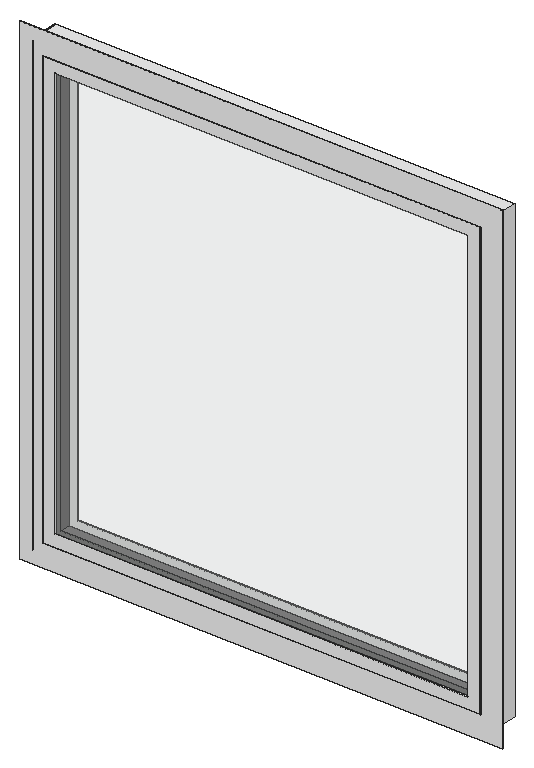
Revit family "Casement_34_A_Side_Hung_Standard", category Windows, host Wall, Revit 2014
Parameters (values of type "Casement_Sash_DG")
  Width Sash [instance] = 30 mm
  Width Sash Inner = 15 mm
  Width Bead = 15 mm
  Top Hung [instance] = yes
  Side Hung Right [instance] = yes
  Side Hung Left [instance] = yes
  Sash Opening Width [instance] = 600 mm
  Sash Opening Height [instance] = 600.312 mm
  Sash Lip = 15 mm
  Glazing Material [instance] = Glass
  DG Start Piece 2 [instance] = DG End Piece 1 + DG Gasket Thickness  # 25 mm
  DG Start Peice 1 [instance] = (Depth Sash - (2 * DG Glazing Thickness) - DG Gasket Thickness) / 2  # 6.6 mm
  Glazing Offset = 5 mm
  DG Glazing Thickness [instance] = 6.4 mm
  DG Gasket Thickness = 12 mm  # constant formula
  DG Gasket Material [instance] = Double Glazing Gasket Material
  DG End Piece 2 [instance] = DG Start Piece 2 + DG Glazing Thickness  # 31.4 mm
  DG End Piece 1 [instance] = DG Start Peice 1 + DG Glazing Thickness  # 13 mm
  Depth Sash [instance] = 38 mm
  Center Vertical Sash [instance] = Sash Opening Height / 2  # 300.156 mm
  Center Horizontal Sash [instance] = Sash Opening Width / 2  # 300 mm
  Bottom Hung [instance] = yes
  Bead Offset = 15 mm
  Aluminium Thickness = 1 mm
  Aluminium Material [instance] = White Powder Coated Aluminium
Reference planes
  plane 1 "Center (Front/Back)": y = 0
  plane 2: z = 0
  plane 3 "Center (Left/Right)": x = 0
Forms (mm)
  Sweep 1, solid, material "White Powder Coated Aluminium" <- "Aluminium Material"
    path origin (16.177, 0, 121.331) x (1, 0, 0) y (0, 0, 1)
      loop
        line (0, 0) -> (600, 0) -> (600, 600.312) -> (0, 600.312) -> (0, 0)
    profile origin (316.177, 0, 121.331) x (0, 0, 1) y (0, -1, 0)
      loop
        line (0, 0) -> (30, 0) -> (30, 1) -> (15, 1) -> (15, 38) -> (-15, 38) -> (-15, 37) -> (0, 37) -> (0, 0)
      loop
        line (14, 1) -> (14, 37) -> (1, 37) -> (1, 1) -> (14, 1)
  Sweep 2, solid, material "White Powder Coated Aluminium" <- "Aluminium Material"
    path origin (0, 0, 0) x (1, 0, 0) y (0, 0, 1)
      loop
        line (31.177, 706.643) -> (31.177, 136.331) -> (601.177, 136.331) -> (601.177, 706.643) -> (31.177, 706.643)
    profile origin (316.177, 0, 706.643) x (0, 0, 1) y (0, -1, 0)
      loop
        line (0, 37) -> (0, 38) -> (-15, 38) -> (-15, 37) -> (0, 37)
  Extrusion 3, solid, material "Glass" <- "Glazing Material"
    sketch origin (0, 0, 0) x (1, 0, 0) y (0, 0, 1)
      loop
        line (36.177, 701.643) -> (36.177, 141.331) -> (596.177, 141.331) -> (596.177, 701.643) -> (36.177, 701.643)
    from 6.6 <- "DG Start Peice 1" to 13 <- "DG End Piece 1"
  Extrusion 4, solid, material "Glass" <- "Glazing Material"
    sketch origin (0, 0, 0) x (1, 0, 0) y (0, 0, 1)
      loop
        line (36.177, 701.643) -> (36.177, 141.331) -> (596.177, 141.331) -> (596.177, 701.643) -> (36.177, 701.643)
    from 31.4 <- "DG End Piece 2" to 25 <- "DG Start Piece 2"
  Sweep 5, solid, material "Double Glazing Gasket Material" <- "DG Gasket Material"
    path origin (0, -13, 0) x (1, 0, 0) y (0, 0, 1)
      loop
        line (36.177, 701.643) -> (36.177, 141.331) -> (596.177, 141.331) -> (596.177, 701.643) -> (36.177, 701.643)
    profile origin (316.177, -13, 701.643) x (0, 0, 1) y (0, -1, 0)
      loop
        line (0, 0) -> (0, 12) -> (-7.96, 12) -> (-7.96, 0) -> (0, 0)
Lines and regions (mm)
  model lines
    curve 1: line (1.177, -38, 736.643) -> (31.177, -38, 706.643)
    curve 2: line (601.177, -38, 706.643) -> (631.177, -38, 736.643)
    curve 3: line (601.177, -38, 136.331) -> (631.177, -38, 106.331)
    curve 4: line (1.177, -38, 106.331) -> (31.177, -38, 136.331)
    curve 5: line (631.177, -37, 736.643) -> (616.177, -37, 721.643)
    curve 6: line (1.177, -37, 736.643) -> (16.177, -37, 721.643)
    curve 7: line (1.177, -37, 106.331) -> (16.177, -37, 121.331)
    curve 8: line (631.177, -37, 106.331) -> (616.177, -37, 121.331)
    curve 9: line (616.177, 0, 121.331) -> (586.177, 0, 151.331)
    curve 10: line (46.177, 0, 151.331) -> (16.177, 0, 121.331)
    curve 11: line (616.177, 0, 721.643) -> (586.177, 0, 691.643)
    curve 12: line (46.177, 0, 691.643) -> (16.177, 0, 721.643)
    curve 13: line (31.177, -38, 691.643) -> (46.177, -38, 691.643)
    curve 14: line (586.177, -38, 691.643) -> (601.177, -38, 691.643)
    curve 15: line (586.177, -38, 151.331) -> (601.177, -38, 151.331)
    curve 16: line (31.177, -38, 151.331) -> (46.177, -38, 151.331)
  model lines, style "GenericModelHiddenLines", visible <- "Top Hung"
    curve 17: line (46.386, -31.4, 690.914) -> (316.177, -31.4, 151.331)
    curve 18: line (316.177, -31.4, 151.331) -> (586.177, -31.4, 691.331)
  model lines, style "GenericModelHiddenLines", visible <- "Bottom Hung"
    curve 19: line (46.177, -31.4, 151.331) -> (316.177, -31.4, 691.331)
    curve 20: line (316.177, -31.4, 691.331) -> (586.177, -31.4, 151.331)
  model lines, style "GenericModelHiddenLines", visible <- "Side Hung Left"
    curve 21: line (46.386, -31.4, 690.914) -> (585.24, -31.4, 421.487)
    curve 22: line (585.24, -31.4, 421.487) -> (46.177, -31.4, 151.331)
  model lines, style "GenericModelHiddenLines", visible <- "Side Hung Right"
    curve 23: line (586.177, -31.4, 691.331) -> (46.177, -31.4, 421.487)
    curve 24: line (46.177, -31.4, 421.487) -> (586.177, -31.4, 151.331)
Dimensions and locks
  "Aluminium Thickness": Sweep 1 sketch curve to Sweep 1 sketch curve  (x4)
  "Depth Sash": Sweep 1 sketch curve to Sweep 1 sketch curve
  "Sash Opening Width": Sweep 1 to Sweep 1
  "Sash Opening Height": Sweep 1 to Sweep 1
  "Width Sash": Sweep 1 sketch curve to Sweep 1 sketch curve  (x2)
  "Width Sash Inner": Sweep 1 sketch curve to Sweep 1 sketch curve
  "Sash Lip": Sweep 1 sketch curve to Sweep 1 sketch curve
  "Aluminium Thickness": Sweep 1 to Sweep 2 sketch curve
  "Glazing Offset": Sweep 2 to Extrusion 3 sketch curve  (x3)
  "Glazing Offset": Extrusion 3 sketch curve to Sweep 2
  Sweep 1 to Sweep 1 = 1 mm
  "Aluminium Thickness": Sweep 2 sketch curve to Sweep 2 sketch curve
  "Width Bead": Sweep 2 sketch curve to Sweep 2 sketch curve
  locked: Sweep 5 sketch curve to Sweep 5 sketch curve at 7.96
  "Center Horizontal Sash": Sweep 1 to curve 18
  "Center Horizontal Sash": Sweep 1 to curve 20
  "Center Vertical Sash": Sweep 1 to curve 22
  "Center Vertical Sash": Sweep 1 to curve 24
  aligned and locked: level to plane 2
  aligned and locked: Sweep 1 sketch curve to Sweep 1 sketch curve  (x2)
  aligned and locked: Sweep 2 sketch curve to Sweep 1  (x5)
  aligned and locked: Extrusion 4 sketch curve to Extrusion 3  (x4)
  aligned and locked: Sweep 5 sketch curve to Extrusion 3  (x5)
  aligned and locked: Extrusion 3 to Sweep 5 sketch curve
Automatic sketch dimensions
  plane 3 "Center (Left/Right)" to Sweep 1 sketch curve = 16.177 mm
  level to Sweep 1 sketch curve = 121.331 mm
  plane 3 "Center (Left/Right)" to Sweep 1 sketch curve = 616.177 mm
  level to Sweep 1 sketch curve = 721.643 mm
  profile plane to Sweep 5 sketch curve = 12 mm
  curve 7 to Sweep 1 = 0 mm  (x4)
  curve 6 to Sweep 1 = 0 mm  (x3)
  Sweep 1 to curve 6 = 0 mm
  curve 5 to Sweep 1 = 0 mm  (x3)
  curve 8 to Sweep 1 = 0 mm  (x4)
  Sweep 1 to curve 5 = 0 mm
  curve 16 to Sweep 2 = 0 mm  (x3)
  curve 13 to Sweep 2 = 0 mm  (x3)
  curve 15 to Sweep 2 = 0 mm
  Sweep 2 to curve 15 = 0 mm  (x2)
  curve 14 to Sweep 2 = 0 mm  (x2)
  Sweep 2 to curve 14 = 0 mm
  curve 1 to Sweep 1 = 0 mm  (x4)
  curve 4 to Sweep 1 = 0 mm  (x3)
  Sweep 1 to curve 4 = 0 mm
  curve 3 to Sweep 1 = 0 mm  (x3)
  curve 2 to Sweep 1 = 0 mm  (x4)
  Sweep 1 to curve 3 = 0 mm
  curve 10 to Sweep 1 = 0 mm  (x4)
  curve 12 to Sweep 1 = 0 mm  (x3)
  Sweep 1 to curve 12 = 0 mm
  curve 9 to Sweep 1 = 0 mm  (x4)
  curve 11 to Sweep 1 = 0 mm  (x3)
  Sweep 1 to curve 11 = 0 mm
  Sweep 1 sketch curve to plane 1 "Center (Front/Back)" = 0 mm
  profile plane to Sweep 1 sketch curve = 0 mm
  curve 21 to Extrusion 4 = 10.208 mm
  curve 19 to Extrusion 4 = 10 mm
  curve 23 to Extrusion 4 = 10 mm  (x2)
  curve 22 to Extrusion 4 = 10.937 mm
  curve 20 to Extrusion 4 = 10 mm
  curve 24 to Extrusion 4 = 10 mm
  curve 22 to Extrusion 4 = 10 mm
  curve 18 to Extrusion 4 = 10 mm
  curve 21 to Extrusion 4 = 10.729 mm
  curve 19 to Extrusion 4 = 10.312 mm
  curve 18 to Extrusion 4 = 10.312 mm
Types in the file's own list only (6): name | Windload Design | Width Sash Opening | Width Sash | Width Profile | Width | URL | Offset Window Exterior | Max System DG Unit Thickness | Max System DG One Piece Thickness | Max Pane Area | Intruderprufe U Value | Intruderprufe SHGC Value | Intruderprufe LowE U Value | Intruderprufe LowE SHGC Value | Height | Energy Advantage U Value | Energy Advantage SHGC Value | DG Thickness Calc | Custom Window Width | Custom Window Height | Window Exterior Offset | Custom Windload | Sash Width | Sash Height | Sash Spacing Inner | Sash Overlap | Sash Center Offset | SG Gasket Thickness | Offset Sash Left | Offset Sash 1 Top | Offset Bead SG Center Reversed | Model | Manufacturer | Limit Window Width Min | Limit Window Width Max | Limit Window Height Min | Limit Window Height Max | Limit Sash Width Min | Limit Sash Width Max | Limit Sash Height Min | Limit Sash Height Max | Height Sash 1 Opening | Height Sash | Description | Frame Center Offset | Depth Bead | Default Sill Height | Wall Closure | DG Gasket Finish | DG Extrusion Start | Clearvue U Value | Clearvue SHGC Value | Clearvue Insulated U Value | Clearvue Insulated SHGC Value | Clearvue Insulated LowE U Value | Clearvue Insulated LowE SHGC Value | Casement Dimension | Bead SG Gap
  34-0609S-1000Pa | 1000 mm | 544 mm | 514 mm | 30 mm | 590 mm | "http://www.crealco.co.za/crealco-products.php" | 17 mm | 20 mm | 4 mm | 0.37 m² | 6 | 0.527 | 4.72 | 0.471 | 890 mm | 4.82 | 0.501 | 4 mm | 590 mm | 890 mm | 0 mm | 1000 mm | 544 mm | 844 mm | 8 mm | 7 mm | 14 mm | 6 mm | 23 mm | 23 mm | 17 mm | "Casement 34" | "Crealco" | 346 mm | 746 mm | 346 mm | 1546 mm | 300 mm | 700 mm | 300 mm | 1500 mm | 844 mm | 814 mm | "Window 34mm, Type A side hung" | 17 mm | 20 mm | 800 mm | By host | Double Glazing Gasket Material | 7 mm | 6.14 | 0.559 | 4.2 | 0.496 | 3.73 | 0.452 | 34 mm | 13 mm
  34-0609S-1500Pa | 1500 mm | 544 mm | 514 mm | 30 mm | 590 mm | "http://www.crealco.co.za/crealco-products.php" | 17 mm | 20 mm | 4 mm | 0.37 m² | 6 | 0.527 | 4.72 | 0.471 | 890 mm | 4.82 | 0.501 | 4 mm | 590 mm | 890 mm | 0 mm | 1500 mm | 544 mm | 844 mm | 8 mm | 7 mm | 14 mm | 6 mm | 23 mm | 23 mm | 17 mm | "Casement 34" | "Crealco" | 346 mm | 746 mm | 346 mm | 1546 mm | 300 mm | 700 mm | 300 mm | 1500 mm | 844 mm | 814 mm | "Window 34mm, Type A side hung" | 17 mm | 20 mm | 800 mm | By host | Double Glazing Gasket Material | 7 mm | 6.14 | 0.559 | 4.2 | 0.496 | 3.73 | 0.452 | 34 mm | 13 mm
  34-0609S-2000Pa | 2000 mm | 544 mm | 514 mm | 30 mm | 590 mm | "http://www.crealco.co.za/crealco-products.php" | 17 mm | 20 mm | 4 mm | 0.37 m² | 6 | 0.527 | 4.72 | 0.471 | 890 mm | 4.82 | 0.501 | 4 mm | 590 mm | 890 mm | 0 mm | 2000 mm | 544 mm | 844 mm | 8 mm | 7 mm | 14 mm | 6 mm | 23 mm | 23 mm | 17 mm | "Casement 34" | "Crealco" | 346 mm | 746 mm | 346 mm | 1546 mm | 300 mm | 700 mm | 300 mm | 1500 mm | 844 mm | 814 mm | "Window 34mm, Type A side hung" | 17 mm | 20 mm | 800 mm | By host | Double Glazing Gasket Material | 7 mm | 6.14 | 0.559 | 4.2 | 0.496 | 3.73 | 0.452 | 34 mm | 13 mm
  34-0612S-1000Pa | 1000 mm | 544 mm | 514 mm | 30 mm | 590 mm | "http://www.crealco.co.za/crealco-products.php" | 17 mm | 20 mm | 4 mm | 0.51 m² | 5.98 | 0.55 | 4.63 | 0.491 | 1190 mm | 4.73 | 0.523 | 4 mm | 590 mm | 1190 mm | 0 mm | 1000 mm | 544 mm | 1144 mm | 8 mm | 7 mm | 14 mm | 6 mm | 23 mm | 23 mm | 17 mm | "Casement 34" | "Crealco" | 346 mm | 746 mm | 346 mm | 1546 mm | 300 mm | 700 mm | 300 mm | 1500 mm | 1144 mm | 1114 mm | "Window 34mm, Type A side hung" | 17 mm | 20 mm | 800 mm | By host | Double Glazing Gasket Material | 7 mm | 6.12 | 0.583 | 4.08 | 0.517 | 3.59 | 0.471 | 34 mm | 13 mm
  34-0612S-1500Pa | 1500 mm | 544 mm | 514 mm | 30 mm | 590 mm | "http://www.crealco.co.za/crealco-products.php" | 17 mm | 20 mm | 4 mm | 0.51 m² | 5.98 | 0.55 | 4.63 | 0.491 | 1190 mm | 4.73 | 0.523 | 4 mm | 590 mm | 1190 mm | 0 mm | 1500 mm | 544 mm | 1144 mm | 8 mm | 7 mm | 14 mm | 6 mm | 23 mm | 23 mm | 17 mm | "Casement 34" | "Crealco" | 346 mm | 746 mm | 346 mm | 1546 mm | 300 mm | 700 mm | 300 mm | 1500 mm | 1144 mm | 1114 mm | "Window 34mm, Type A side hung" | 17 mm | 20 mm | 800 mm | By host | Double Glazing Gasket Material | 7 mm | 6.12 | 0.583 | 4.08 | 0.517 | 3.59 | 0.471 | 34 mm | 13 mm
  34-0612S-2000Pa | 2000 mm | 544 mm | 514 mm | 30 mm | 590 mm | "http://www.crealco.co.za/crealco-products.php" | 17 mm | 20 mm | 4 mm | 0.51 m² | 5.98 | 0.55 | 4.63 | 0.491 | 1190 mm | 4.73 | 0.523 | 4 mm | 590 mm | 1190 mm | 0 mm | 2000 mm | 544 mm | 1144 mm | 8 mm | 7 mm | 14 mm | 6 mm | 23 mm | 23 mm | 17 mm | "Casement 34" | "Crealco" | 346 mm | 746 mm | 346 mm | 1546 mm | 300 mm | 700 mm | 300 mm | 1500 mm | 1144 mm | 1114 mm | "Window 34mm, Type A side hung" | 17 mm | 20 mm | 800 mm | By host | Double Glazing Gasket Material | 7 mm | 6.12 | 0.583 | 4.08 | 0.517 | 3.59 | 0.471 | 34 mm | 13 mm
